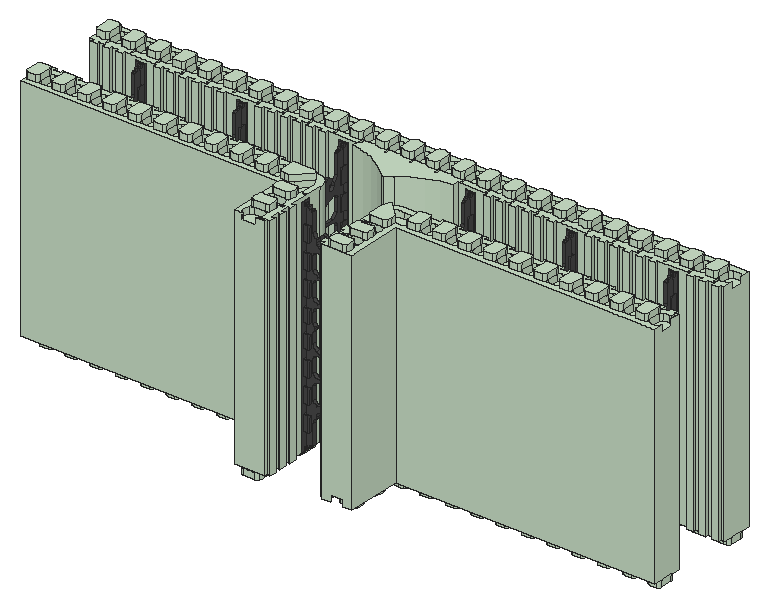
Revit family
Reference planes (in)
  plane 1 "Center (Front/Back)": y = -1
  plane 2: z = 0
  plane 3 "Center (Left/Right)": x = 0
  plane 4: y = 1
  plane 5: y = -3
  plane 6: x = 2
  plane 7: x = -2
  plane 8: z = 18
Forms (in)
  Extrusion 1, solid, material "NUDURA Expanded Polystyrene Foam Insulation"
    sketch origin (0, 0, 0) x (1, 0, 0) y (0, 1, 0)
      loop
        arc (-2.25, -4.49998) -> (-2.61612, -3.6161) -> (-3.5, -3.24998) r 1.25
        line (-3.5, -3.24998) -> (-6.28117, -3.24998) -> (-6.21883, -2.99998) -> (-6.78117, -2.99998) -> (-6.71883, -3.24998) -> (-7.28117, -3.24998) -> (-7.21883, -2.99998) -> (-7.78117, -2.99998) -> (-7.71883, -3.24998) -> (-8.28117, -3.24998) -> (-8.21883, -2.99998) -> (-8.78117, -2.99998) -> (-8.71883, -3.24998) -> (-9.28117, -3.24998) -> (-9.21883, -2.99998) -> (-9.78117, -2.99998) -> (-9.71883, -3.24998) -> (-10.2818, -3.24998) -> (-10.21947, -2.99998) -> (-10.7818, -2.99998) -> (-10.71947, -3.24998) -> (-11.2818, -3.24998) -> (-11.21947, -2.99998) -> (-11.7818, -2.99998) -> (-11.71947, -3.24998) -> (-14.28116, -3.24998) -> (-14.21883, -2.99998) -> (-14.78116, -2.99998) -> (-14.71883, -3.24998) -> (-15.28116, -3.24998) -> (-15.21883, -2.99998) -> (-15.78116, -2.99998) -> (-15.71883, -3.24998) -> (-16.28116, -3.24998) -> (-16.21883, -2.99998) -> (-16.78116, -2.99998) -> (-16.71883, -3.24998) -> (-17.28179, -3.24998) -> (-17.21946, -2.99998) -> (-17.78179, -2.99998) -> (-17.71946, -3.24998) -> (-18.28179, -3.24998) -> (-18.21946, -2.99998) -> (-18.78179, -2.99998) -> (-18.71946, -3.24998) -> (-19.28179, -3.24998) -> (-19.21946, -2.99998) -> (-19.78179, -2.99998) -> (-19.71946, -3.24998) -> (-22.28115, -3.24998) -> (-22.21882, -2.99998) -> (-22.78115, -2.99998) -> (-22.71882, -3.24998) -> (-23.28115, -3.24998) -> (-23.21882, -2.99998) -> (-23.78115, -2.99998) -> (-23.71882, -3.24998) -> (-24.28115, -3.24998) -> (-24.21882, -2.99998) -> (-24.78115, -2.99998) -> (-24.71882, -3.24998) -> (-25, -3.24998) -> (-25, -5.62244) -> (-4.625, -5.62244) -> (-4.625, -9.99744) -> (-2.25, -9.99744) -> (-2.25, -9.71882) -> (-2, -9.78115) -> (-2, -9.21882) -> (-2.25, -9.28115) -> (-2.25, -8.71882) -> (-2, -8.78115) -> (-2, -8.21882) -> (-2.25, -8.28115) -> (-2.25, -7.71882) -> (-2, -7.78115) -> (-2, -7.21882) -> (-2.25, -7.28115) -> (-2.25, -4.49998)
      loop
        line (4, 0.875) -> (4, 1.25) -> (6.28117, 1.25) -> (6.21883, 1) -> (6.78117, 1) -> (6.71883, 1.25) -> (7.28117, 1.25) -> (7.21883, 1) -> (7.78117, 1) -> (7.71883, 1.25) -> (8.28117, 1.25) -> (8.21883, 1) -> (8.78117, 1) -> (8.71883, 1.25) -> (9.28053, 1.25) -> (9.2182, 1) -> (9.78053, 1) -> (9.7182, 1.25) -> (10.28053, 1.25) -> (10.2182, 1) -> (10.78053, 1) -> (10.7182, 1.25) -> (11.28053, 1.25) -> (11.2182, 1) -> (11.78053, 1) -> (11.7182, 1.25) -> (14.28116, 1.25) -> (14.21883, 1) -> (14.78116, 1) -> (14.71883, 1.25) -> (15.28116, 1.25) -> (15.21883, 1) -> (15.78116, 1) -> (15.71883, 1.25) -> (16.28116, 1.25) -> (16.21883, 1) -> (16.78116, 1) -> (16.71883, 1.25) -> (17.28053, 1.25) -> (17.21819, 1) -> (17.78053, 1) -> (17.71819, 1.25) -> (18.28053, 1.25) -> (18.21819, 1) -> (18.78053, 1) -> (18.71819, 1.25) -> (19.28053, 1.25) -> (19.21819, 1) -> (19.78053, 1) -> (19.71819, 1.25) -> (22.28115, 1.25) -> (22.21882, 1) -> (22.78115, 1) -> (22.71882, 1.25) -> (23.28115, 1.25) -> (23.21882, 1) -> (23.78115, 1) -> (23.71882, 1.25) -> (24.28115, 1.25) -> (24.21882, 1) -> (24.78115, 1) -> (24.71882, 1.25) -> (25, 1.25) -> (25, 3.62754) -> (-25, 3.62754) -> (-25, 1.25) -> (-24.71882, 1.25) -> (-24.78115, 1) -> (-24.21882, 1) -> (-24.28115, 1.25) -> (-23.71882, 1.25) -> (-23.78115, 1) -> (-23.21882, 1) -> (-23.28115, 1.25) -> (-22.71882, 1.25) -> (-22.78115, 1) -> (-22.21882, 1) -> (-22.28115, 1.25) -> (-19.71819, 1.25) -> (-19.78053, 1) -> (-19.21819, 1) -> (-19.28053, 1.25) -> (-18.71819, 1.25) -> (-18.78053, 1) -> (-18.21819, 1) -> (-18.28053, 1.25) -> (-17.71819, 1.25) -> (-17.78053, 1) -> (-17.21819, 1) -> (-17.28053, 1.25) -> (-16.71883, 1.25) -> (-16.78116, 1) -> (-16.21883, 1) -> (-16.28116, 1.25) -> (-15.71883, 1.25) -> (-15.78116, 1) -> (-15.21883, 1) -> (-15.28116, 1.25) -> (-14.71883, 1.25) -> (-14.78116, 1) -> (-14.21883, 1) -> (-14.28116, 1.25) -> (-11.7182, 1.25) -> (-11.78053, 1) -> (-11.2182, 1) -> (-11.28053, 1.25) -> (-10.7182, 1.25) -> (-10.78053, 1) -> (-10.2182, 1) -> (-10.28053, 1.25) -> (-9.7182, 1.25) -> (-9.78053, 1) -> (-9.2182, 1) -> (-9.28053, 1.25) -> (-8.71883, 1.25) -> (-8.78117, 1) -> (-8.21883, 1) -> (-8.28117, 1.25) -> (-7.71883, 1.25) -> (-7.78117, 1) -> (-7.21883, 1) -> (-7.28117, 1.25) -> (-6.71883, 1.25) -> (-6.78117, 1) -> (-6.21883, 1) -> (-6.28117, 1.25) -> (-4, 1.25) -> (-4, 0.875)
        arc (-4, 0.875) -> (-2.12304, 0.37468) -> (-0.50918, -0.70642) r 5.91797
        arc (-0.50918, -0.70642) -> (-0.26811, -0.90043) -> (0, -1.05493) r 2
        arc (0, -1.05493) -> (0.26811, -0.90043) -> (0.50918, -0.70642) r 2
        arc (0.50918, -0.70642) -> (2.12304, 0.37468) -> (4, 0.875) r 5.91797
      loop
        line (2.25, -4.49998) -> (2.25, -7.28115) -> (2, -7.21882) -> (2, -7.78115) -> (2.25, -7.71882) -> (2.25, -8.28115) -> (2, -8.21882) -> (2, -8.78115) -> (2.25, -8.71882) -> (2.25, -9.28115) -> (2, -9.21882) -> (2, -9.78115) -> (2.25, -9.71882) -> (2.25, -9.99998) -> (4.625, -9.99998) -> (4.625, -5.62244) -> (25, -5.62244) -> (25, -3.24998) -> (24.71882, -3.24998) -> (24.78115, -2.99998) -> (24.21882, -2.99998) -> (24.28115, -3.24998) -> (23.71882, -3.24998) -> (23.78115, -2.99998) -> (23.21882, -2.99998) -> (23.28115, -3.24998) -> (22.71882, -3.24998) -> (22.78115, -2.99998) -> (22.21882, -2.99998) -> (22.28115, -3.24998) -> (19.71946, -3.24998) -> (19.78179, -2.99998) -> (19.21946, -2.99998) -> (19.28179, -3.24998) -> (18.71946, -3.24998) -> (18.78179, -2.99998) -> (18.21946, -2.99998) -> (18.28179, -3.24998) -> (17.71946, -3.24998) -> (17.78179, -2.99998) -> (17.21946, -2.99998) -> (17.28179, -3.24998) -> (16.71883, -3.24998) -> (16.78116, -2.99998) -> (16.21883, -2.99998) -> (16.28116, -3.24998) -> (15.71883, -3.24998) -> (15.78116, -2.99998) -> (15.21883, -2.99998) -> (15.28116, -3.24998) -> (14.71883, -3.24998) -> (14.78116, -2.99998) -> (14.21883, -2.99998) -> (14.28116, -3.24998) -> (11.71947, -3.24998) -> (11.7818, -2.99998) -> (11.21947, -2.99998) -> (11.2818, -3.24998) -> (10.71947, -3.24998) -> (10.7818, -2.99998) -> (10.21947, -2.99998) -> (10.2818, -3.24998) -> (9.71947, -3.24998) -> (9.7818, -2.99998) -> (9.21947, -2.99998) -> (9.2818, -3.24998) -> (8.71883, -3.24998) -> (8.78117, -2.99998) -> (8.21883, -2.99998) -> (8.28117, -3.24998) -> (7.71883, -3.24998) -> (7.78117, -2.99998) -> (7.21883, -2.99998) -> (7.28117, -3.24998) -> (6.71883, -3.24998) -> (6.78117, -2.99998) -> (6.21883, -2.99998) -> (6.28117, -3.24998) -> (3.5, -3.24998)
        arc (3.5, -3.24998) -> (2.61612, -3.6161) -> (2.25, -4.49998) r 1.25
    from 0 to 18
  Extrusion 2, void
    sketch origin (1, 16, 0) x (1, 0, 0) y (0, 1, 0)
      loop
        arc (-5.13595, -25.17306) -> (-5.1875, -25.49998) -> (-5.13595, -25.8269) r 1.0625
        arc (-5.13595, -25.8269) -> (-5.0592, -25.94114) -> (-4.93362, -25.99744) r 0.25
        line (-4.93362, -25.99744) -> (-3.94138, -25.99744)
        arc (-3.94138, -25.99744) -> (-3.86932, -25.97564) -> (-3.80702, -25.93338) r 0.25
        arc (-3.80702, -25.93338) -> (-3.78736, -25.92104) -> (-3.76455, -25.91673) r 0.0625
        line (-3.76455, -25.91673) -> (-3.41845, -25.91673) -> (-3.41845, -25.7459) -> (-3.64005, -25.7459)
        arc (-3.64005, -25.7459) -> (-3.68771, -25.72383) -> (-3.70172, -25.67321) r 0.0625
        arc (-3.70172, -25.67321) -> (-3.69045, -25.4209) -> (-3.73905, -25.17306) r 1.0625
        arc (-3.73905, -25.17306) -> (-3.82983, -25.04783) -> (-3.97692, -24.99998) r 0.25
        line (-3.97692, -24.99998) -> (-4.89808, -24.99998)
        arc (-4.89808, -24.99998) -> (-5.04517, -25.04783) -> (-5.13595, -25.17306) r 0.25
    from 18 to 17.5
  Extrusion 3, void
    sketch origin (1, 18, 0) x (1, 0, 0) y (0, 1, 0)
      loop
        arc (-5.13595, -25.17306) -> (-5.1875, -25.49998) -> (-5.13595, -25.8269) r 1.0625
        arc (-5.13595, -25.8269) -> (-5.04517, -25.95213) -> (-4.89808, -25.99998) r 0.25
        line (-4.89808, -25.99998) -> (-3.97692, -25.99998)
        arc (-3.97692, -25.99998) -> (-3.88568, -25.98274) -> (-3.80702, -25.93338) r 0.25
        arc (-3.80702, -25.93338) -> (-3.78736, -25.92104) -> (-3.76455, -25.91673) r 0.0625
        line (-3.76455, -25.91673) -> (-3.41845, -25.91673) -> (-3.41845, -25.7459) -> (-3.64005, -25.7459)
        arc (-3.64005, -25.7459) -> (-3.68771, -25.72383) -> (-3.70172, -25.67321) r 0.0625
        arc (-3.70172, -25.67321) -> (-3.69045, -25.4209) -> (-3.73905, -25.17306) r 1.0625
        arc (-3.73905, -25.17306) -> (-3.82983, -25.04783) -> (-3.97692, -24.99998) r 0.25
        line (-3.97692, -24.99998) -> (-4.89808, -24.99998)
        arc (-4.89808, -24.99998) -> (-5.04517, -25.04783) -> (-5.13595, -25.17306) r 0.25
    from 18 to 17.5
  Extrusion 4, void
    sketch origin (1, 0, 0) x (1, 0, 0) y (0, 1, 0)
      loop
        line (-5.1875, -5.18748) -> (-5.1875, -5.49998)
        arc (-5.1875, -5.49998) -> (-5.17453, -5.66546) -> (-5.13595, -5.8269) r 1.0625
        arc (-5.13595, -5.8269) -> (-5.04517, -5.95213) -> (-4.89808, -5.99998) r 0.25
        line (-4.89808, -5.99998) -> (-3.97692, -5.99998)
        arc (-3.97692, -5.99998) -> (-3.88568, -5.98274) -> (-3.80702, -5.93338) r 0.25
        arc (-3.80702, -5.93338) -> (-3.78736, -5.92104) -> (-3.76455, -5.91673) r 0.0625
        line (-3.76455, -5.91673) -> (-3.41845, -5.91673) -> (-3.41845, -5.7459) -> (-3.64005, -5.7459)
        arc (-3.64005, -5.7459) -> (-3.68771, -5.72383) -> (-3.70172, -5.67321) r 0.0625
        arc (-3.70172, -5.67321) -> (-3.69106, -5.58689) -> (-3.6875, -5.49998) r 1.0625
        line (-3.6875, -5.49998) -> (-3.6875, -4.68748)
        arc (-3.6875, -4.68748) -> (-3.76362, -4.3048) -> (-3.98039, -3.98037) r 1
        line (-3.98039, -3.98037) -> (-5.1875, -5.18748)
    from 18 to 17.5
  Extrusion 5, void
    sketch origin (-30.99998, 0.00002, 0) x (0, 1, 0) y (-1, 0, 0)
      loop
        arc (-5.13595, -25.17306) -> (-5.1875, -25.49998) -> (-5.13595, -25.8269) r 1.0625
        arc (-5.13595, -25.8269) -> (-5.04517, -25.95213) -> (-4.89808, -25.99998) r 0.25
        line (-4.89808, -25.99998) -> (-3.97692, -25.99998)
        arc (-3.97692, -25.99998) -> (-3.88568, -25.98274) -> (-3.80702, -25.93338) r 0.25
        arc (-3.80702, -25.93338) -> (-3.78736, -25.92104) -> (-3.76455, -25.91673) r 0.0625
        line (-3.76455, -25.91673) -> (-3.41845, -25.91673) -> (-3.41845, -25.7459) -> (-3.64005, -25.7459)
        arc (-3.64005, -25.7459) -> (-3.68771, -25.72383) -> (-3.70172, -25.67321) r 0.0625
        arc (-3.70172, -25.67321) -> (-3.69045, -25.4209) -> (-3.73905, -25.17306) r 1.0625
        arc (-3.73905, -25.17306) -> (-3.82983, -25.04783) -> (-3.97692, -24.99998) r 0.25
        line (-3.97692, -24.99998) -> (-4.89808, -24.99998)
        arc (-4.89808, -24.99998) -> (-5.04517, -25.04783) -> (-5.13595, -25.17306) r 0.25
    from 18 to 17.5
  Extrusion 6, void
    sketch origin (-32.99998, 0.00002, 0) x (0, 1, 0) y (-1, 0, 0)
      loop
        arc (-5.13595, -25.17306) -> (-5.1875, -25.49998) -> (-5.13595, -25.8269) r 1.0625
        arc (-5.13595, -25.8269) -> (-5.04517, -25.95213) -> (-4.89808, -25.99998) r 0.25
        line (-4.89808, -25.99998) -> (-3.97692, -25.99998)
        arc (-3.97692, -25.99998) -> (-3.88568, -25.98274) -> (-3.80702, -25.93338) r 0.25
        arc (-3.80702, -25.93338) -> (-3.78736, -25.92104) -> (-3.76455, -25.91673) r 0.0625
        line (-3.76455, -25.91673) -> (-3.41845, -25.91673) -> (-3.41845, -25.7459) -> (-3.64005, -25.7459)
        arc (-3.64005, -25.7459) -> (-3.68771, -25.72383) -> (-3.70172, -25.67321) r 0.0625
        arc (-3.70172, -25.67321) -> (-3.69045, -25.4209) -> (-3.73905, -25.17306) r 1.0625
        arc (-3.73905, -25.17306) -> (-3.82983, -25.04783) -> (-3.97692, -24.99998) r 0.25
        line (-3.97692, -24.99998) -> (-4.89808, -24.99998)
        arc (-4.89808, -24.99998) -> (-5.04517, -25.04783) -> (-5.13595, -25.17306) r 0.25
    from 18 to 17.5
  Extrusion 7, void
    sketch origin (1, -33.99996, 0) x (1, 0, 0) y (0, 1, 0)
      loop
        arc (-5.13595, 25.17306) -> (-5.04517, 25.04783) -> (-4.89808, 24.99998) r 0.25
        line (-4.89808, 24.99998) -> (-3.97692, 24.99998)
        arc (-3.97692, 24.99998) -> (-3.82983, 25.04783) -> (-3.73905, 25.17306) r 0.25
        arc (-3.73905, 25.17306) -> (-3.69045, 25.4209) -> (-3.70172, 25.67321) r 1.0625
        arc (-3.70172, 25.67321) -> (-3.68771, 25.72383) -> (-3.64005, 25.7459) r 0.0625
        line (-3.64005, 25.7459) -> (-3.41845, 25.7459) -> (-3.41845, 25.91673) -> (-3.76455, 25.91673)
        arc (-3.76455, 25.91673) -> (-3.78736, 25.92104) -> (-3.80702, 25.93338) r 0.0625
        arc (-3.80702, 25.93338) -> (-3.88568, 25.98274) -> (-3.97692, 25.99998) r 0.25
        line (-3.97692, 25.99998) -> (-4.89808, 25.99998)
        arc (-4.89808, 25.99998) -> (-5.04517, 25.95213) -> (-5.13595, 25.8269) r 0.25
        arc (-5.13595, 25.8269) -> (-5.1875, 25.49998) -> (-5.13595, 25.17306) r 1.0625
    from 0 to 0.5
  Extrusion 8, void
    sketch origin (1, -31.99996, 0) x (1, 0, 0) y (0, 1, 0)
      loop
        arc (-5.13595, 25.17306) -> (-5.04517, 25.04783) -> (-4.89808, 24.99998) r 0.25
        line (-4.89808, 24.99998) -> (-3.97692, 24.99998)
        arc (-3.97692, 24.99998) -> (-3.82983, 25.04783) -> (-3.73905, 25.17306) r 0.25
        arc (-3.73905, 25.17306) -> (-3.69045, 25.4209) -> (-3.70172, 25.67321) r 1.0625
        arc (-3.70172, 25.67321) -> (-3.68771, 25.72383) -> (-3.64005, 25.7459) r 0.0625
        line (-3.64005, 25.7459) -> (-3.41845, 25.7459) -> (-3.41845, 25.91673) -> (-3.76455, 25.91673)
        arc (-3.76455, 25.91673) -> (-3.78736, 25.92104) -> (-3.80702, 25.93338) r 0.0625
        arc (-3.80702, 25.93338) -> (-3.88568, 25.98274) -> (-3.97692, 25.99998) r 0.25
        line (-3.97692, 25.99998) -> (-4.89808, 25.99998)
        arc (-4.89808, 25.99998) -> (-5.04517, 25.95213) -> (-5.13595, 25.8269) r 0.25
        arc (-5.13595, 25.8269) -> (-5.1875, 25.49998) -> (-5.13595, 25.17306) r 1.0625
    from 0 to 0.5
  Extrusion 9, void
    sketch origin (0.99998, 0.00002, 0) x (0, 1, 0) y (-1, 0, 0)
      loop
        line (-5.1875, 5.18748) -> (-3.98039, 3.98037)
        arc (-3.98039, 3.98037) -> (-3.76362, 4.3048) -> (-3.6875, 4.68748) r 1
        line (-3.6875, 4.68748) -> (-3.6875, 5.49998)
        arc (-3.6875, 5.49998) -> (-3.69106, 5.58689) -> (-3.70172, 5.67321) r 1.0625
        arc (-3.70172, 5.67321) -> (-3.68771, 5.72383) -> (-3.64005, 5.7459) r 0.0625
        line (-3.64005, 5.7459) -> (-3.41845, 5.7459) -> (-3.41845, 5.91673) -> (-3.76455, 5.91673)
        arc (-3.76455, 5.91673) -> (-3.78736, 5.92104) -> (-3.80702, 5.93338) r 0.0625
        arc (-3.80702, 5.93338) -> (-3.88568, 5.98274) -> (-3.97692, 5.99998) r 0.25
        line (-3.97692, 5.99998) -> (-4.89808, 5.99998)
        arc (-4.89808, 5.99998) -> (-5.04517, 5.95213) -> (-5.13595, 5.8269) r 0.25
        arc (-5.13595, 5.8269) -> (-5.17453, 5.66546) -> (-5.1875, 5.49998) r 1.0625
        line (-5.1875, 5.49998) -> (-5.1875, 5.18748)
    from 0 to 0.5
  Extrusion 10, void
    sketch origin (18.99998, 0.00002, 0) x (0, 1, 0) y (-1, 0, 0)
      loop
        arc (-5.13595, 25.17306) -> (-5.04517, 25.04783) -> (-4.89808, 24.99998) r 0.25
        line (-4.89808, 24.99998) -> (-3.97692, 24.99998)
        arc (-3.97692, 24.99998) -> (-3.82983, 25.04783) -> (-3.73905, 25.17306) r 0.25
        arc (-3.73905, 25.17306) -> (-3.69045, 25.4209) -> (-3.70172, 25.67321) r 1.0625
        arc (-3.70172, 25.67321) -> (-3.68771, 25.72383) -> (-3.64005, 25.7459) r 0.0625
        line (-3.64005, 25.7459) -> (-3.41845, 25.7459) -> (-3.41845, 25.91673) -> (-3.76455, 25.91673)
        arc (-3.76455, 25.91673) -> (-3.78736, 25.92104) -> (-3.80702, 25.93338) r 0.0625
        arc (-3.80702, 25.93338) -> (-3.88568, 25.98274) -> (-3.97692, 25.99998) r 0.25
        line (-3.97692, 25.99998) -> (-4.89808, 25.99998)
        arc (-4.89808, 25.99998) -> (-5.04517, 25.95213) -> (-5.13595, 25.8269) r 0.25
        arc (-5.13595, 25.8269) -> (-5.1875, 25.49998) -> (-5.13595, 25.17306) r 1.0625
    from 0 to 0.5
  Extrusion 11, void
    sketch origin (16.99998, 0.00002, 0) x (0, 1, 0) y (-1, 0, 0)
      loop
        arc (-5.13595, 25.17306) -> (-5.04517, 25.04783) -> (-4.89808, 24.99998) r 0.25
        line (-4.89808, 24.99998) -> (-3.97692, 24.99998)
        arc (-3.97692, 24.99998) -> (-3.82983, 25.04783) -> (-3.73905, 25.17306) r 0.25
        arc (-3.73905, 25.17306) -> (-3.69045, 25.4209) -> (-3.70172, 25.67321) r 1.0625
        arc (-3.70172, 25.67321) -> (-3.68771, 25.72383) -> (-3.64005, 25.7459) r 0.0625
        line (-3.64005, 25.7459) -> (-3.41845, 25.7459) -> (-3.41845, 25.91673) -> (-3.76455, 25.91673)
        arc (-3.76455, 25.91673) -> (-3.78736, 25.92104) -> (-3.80702, 25.93338) r 0.0625
        arc (-3.80702, 25.93338) -> (-3.88568, 25.98274) -> (-3.97692, 25.99998) r 0.25
        line (-3.97692, 25.99998) -> (-4.89808, 25.99998)
        arc (-4.89808, 25.99998) -> (-5.04517, 25.95213) -> (-5.13595, 25.8269) r 0.25
        arc (-5.13595, 25.8269) -> (-5.1875, 25.49998) -> (-5.13595, 25.17306) r 1.0625
    from 0 to 0.5
  Extrusion 12, void
    sketch origin (-1, -33.99996, 0) x (-1, 0, 0) y (0, -1, 0)
      loop
        arc (-5.13595, -25.17306) -> (-5.1875, -25.49998) -> (-5.13595, -25.8269) r 1.0625
        arc (-5.13595, -25.8269) -> (-5.04517, -25.95213) -> (-4.89808, -25.99998) r 0.25
        line (-4.89808, -25.99998) -> (-3.97692, -25.99998)
        arc (-3.97692, -25.99998) -> (-3.88568, -25.98274) -> (-3.80702, -25.93338) r 0.25
        arc (-3.80702, -25.93338) -> (-3.78736, -25.92104) -> (-3.76455, -25.91673) r 0.0625
        line (-3.76455, -25.91673) -> (-3.41845, -25.91673) -> (-3.41845, -25.7459) -> (-3.64005, -25.7459)
        arc (-3.64005, -25.7459) -> (-3.68771, -25.72383) -> (-3.70172, -25.67321) r 0.0625
        arc (-3.70172, -25.67321) -> (-3.69045, -25.4209) -> (-3.73905, -25.17306) r 1.0625
        arc (-3.73905, -25.17306) -> (-3.82983, -25.04783) -> (-3.97692, -24.99998) r 0.25
        line (-3.97692, -24.99998) -> (-4.89808, -24.99998)
        arc (-4.89808, -24.99998) -> (-5.04517, -25.04783) -> (-5.13595, -25.17306) r 0.25
    from 18 to 17.5
  Extrusion 13, void
    sketch origin (-1, -31.99996, 0) x (-1, 0, 0) y (0, -1, 0)
      loop
        arc (-5.13595, -25.17306) -> (-5.1875, -25.49998) -> (-5.13595, -25.8269) r 1.0625
        arc (-5.13595, -25.8269) -> (-5.04517, -25.95213) -> (-4.89808, -25.99998) r 0.25
        line (-4.89808, -25.99998) -> (-3.97692, -25.99998)
        arc (-3.97692, -25.99998) -> (-3.88568, -25.98274) -> (-3.80702, -25.93338) r 0.25
        arc (-3.80702, -25.93338) -> (-3.78736, -25.92104) -> (-3.76455, -25.91673) r 0.0625
        line (-3.76455, -25.91673) -> (-3.41845, -25.91673) -> (-3.41845, -25.7459) -> (-3.64005, -25.7459)
        arc (-3.64005, -25.7459) -> (-3.68771, -25.72383) -> (-3.70172, -25.67321) r 0.0625
        arc (-3.70172, -25.67321) -> (-3.69045, -25.4209) -> (-3.73905, -25.17306) r 1.0625
        arc (-3.73905, -25.17306) -> (-3.82983, -25.04783) -> (-3.97692, -24.99998) r 0.25
        line (-3.97692, -24.99998) -> (-4.89808, -24.99998)
        arc (-4.89808, -24.99998) -> (-5.04517, -25.04783) -> (-5.13595, -25.17306) r 0.25
    from 18 to 17.5
  Extrusion 14, void
    sketch origin (-18.99998, 0.00002, 0) x (0, 1, 0) y (-1, 0, 0)
      loop
        arc (-5.13595, -25.17306) -> (-5.1875, -25.49998) -> (-5.13595, -25.8269) r 1.0625
        arc (-5.13595, -25.8269) -> (-5.04517, -25.95213) -> (-4.89808, -25.99998) r 0.25
        line (-4.89808, -25.99998) -> (-3.97692, -25.99998)
        arc (-3.97692, -25.99998) -> (-3.88568, -25.98274) -> (-3.80702, -25.93338) r 0.25
        arc (-3.80702, -25.93338) -> (-3.78736, -25.92104) -> (-3.76455, -25.91673) r 0.0625
        line (-3.76455, -25.91673) -> (-3.41845, -25.91673) -> (-3.41845, -25.7459) -> (-3.64005, -25.7459)
        arc (-3.64005, -25.7459) -> (-3.68771, -25.72383) -> (-3.70172, -25.67321) r 0.0625
        arc (-3.70172, -25.67321) -> (-3.69045, -25.4209) -> (-3.73905, -25.17306) r 1.0625
        arc (-3.73905, -25.17306) -> (-3.82983, -25.04783) -> (-3.97692, -24.99998) r 0.25
        line (-3.97692, -24.99998) -> (-4.89808, -24.99998)
        arc (-4.89808, -24.99998) -> (-5.04517, -25.04783) -> (-5.13595, -25.17306) r 0.25
    from 18 to 17.5
  Extrusion 15, void
    sketch origin (-16.99998, 0.00002, 0) x (0, 1, 0) y (-1, 0, 0)
      loop
        arc (-5.13595, -25.17306) -> (-5.1875, -25.49998) -> (-5.13595, -25.8269) r 1.0625
        arc (-5.13595, -25.8269) -> (-5.04517, -25.95213) -> (-4.89808, -25.99998) r 0.25
        line (-4.89808, -25.99998) -> (-3.97692, -25.99998)
        arc (-3.97692, -25.99998) -> (-3.88568, -25.98274) -> (-3.80702, -25.93338) r 0.25
        arc (-3.80702, -25.93338) -> (-3.78736, -25.92104) -> (-3.76455, -25.91673) r 0.0625
        line (-3.76455, -25.91673) -> (-3.41845, -25.91673) -> (-3.41845, -25.7459) -> (-3.64005, -25.7459)
        arc (-3.64005, -25.7459) -> (-3.68771, -25.72383) -> (-3.70172, -25.67321) r 0.0625
        arc (-3.70172, -25.67321) -> (-3.69045, -25.4209) -> (-3.73905, -25.17306) r 1.0625
        arc (-3.73905, -25.17306) -> (-3.82983, -25.04783) -> (-3.97692, -24.99998) r 0.25
        line (-3.97692, -24.99998) -> (-4.89808, -24.99998)
        arc (-4.89808, -24.99998) -> (-5.04517, -25.04783) -> (-5.13595, -25.17306) r 0.25
    from 18 to 17.5
  Extrusion 16, void
    sketch origin (-1, 0, 0) x (1, 0, 0) y (0, 1, 0)
      loop
        arc (5.67323, -3.7017) -> (5.58691, -3.69104) -> (5.5, -3.68748) r 1.0625
        line (5.5, -3.68748) -> (4.6875, -3.68748)
        arc (4.6875, -3.68748) -> (4.30482, -3.7636) -> (3.98039, -3.98037) r 1
        line (3.98039, -3.98037) -> (5.1875, -5.18748) -> (5.5, -5.18748)
        arc (5.5, -5.18748) -> (5.66548, -5.17452) -> (5.82692, -5.13593) r 1.0625
        arc (5.82692, -5.13593) -> (5.95215, -5.04515) -> (6, -4.89806) r 0.25
        line (6, -4.89806) -> (6, -3.9769)
        arc (6, -3.9769) -> (5.98276, -3.88566) -> (5.9334, -3.807) r 0.25
        arc (5.9334, -3.807) -> (5.92106, -3.78734) -> (5.91675, -3.76453) r 0.0625
        line (5.91675, -3.76453) -> (5.91675, -3.41844) -> (5.74592, -3.41844) -> (5.74592, -3.64003)
        arc (5.74592, -3.64003) -> (5.72385, -3.68769) -> (5.67323, -3.7017) r 0.0625
    from 18 to 17.5
  Extrusion 17, void
    sketch origin (-1, 16, 0) x (-1, 0, 0) y (0, -1, 0)
      loop
        arc (-5.13595, 25.17306) -> (-5.04517, 25.04783) -> (-4.89808, 24.99998) r 0.25
        line (-4.89808, 24.99998) -> (-3.97692, 24.99998)
        arc (-3.97692, 24.99998) -> (-3.82983, 25.04783) -> (-3.73905, 25.17306) r 0.25
        arc (-3.73905, 25.17306) -> (-3.69045, 25.4209) -> (-3.70172, 25.67321) r 1.0625
        arc (-3.70172, 25.67321) -> (-3.68771, 25.72383) -> (-3.64005, 25.7459) r 0.0625
        line (-3.64005, 25.7459) -> (-3.41845, 25.7459) -> (-3.41845, 25.91673) -> (-3.76455, 25.91673)
        arc (-3.76455, 25.91673) -> (-3.78736, 25.92104) -> (-3.80702, 25.93338) r 0.0625
        arc (-3.80702, 25.93338) -> (-3.88568, 25.98274) -> (-3.97692, 25.99998) r 0.25
        line (-3.97692, 25.99998) -> (-4.89808, 25.99998)
        arc (-4.89808, 25.99998) -> (-5.04517, 25.95213) -> (-5.13595, 25.8269) r 0.25
        arc (-5.13595, 25.8269) -> (-5.1875, 25.49998) -> (-5.13595, 25.17306) r 1.0625
    from 0 to 0.5
  Extrusion 18, void
    sketch origin (-1, 18, 0) x (-1, 0, 0) y (0, -1, 0)
      loop
        arc (-5.13595, 25.17306) -> (-5.04517, 25.04783) -> (-4.89808, 24.99998) r 0.25
        line (-4.89808, 24.99998) -> (-3.97692, 24.99998)
        arc (-3.97692, 24.99998) -> (-3.82983, 25.04783) -> (-3.73905, 25.17306) r 0.25
        arc (-3.73905, 25.17306) -> (-3.69045, 25.4209) -> (-3.70172, 25.67321) r 1.0625
        arc (-3.70172, 25.67321) -> (-3.68771, 25.72383) -> (-3.64005, 25.7459) r 0.0625
        line (-3.64005, 25.7459) -> (-3.41845, 25.7459) -> (-3.41845, 25.91673) -> (-3.76455, 25.91673)
        arc (-3.76455, 25.91673) -> (-3.78736, 25.92104) -> (-3.80702, 25.93338) r 0.0625
        arc (-3.80702, 25.93338) -> (-3.88568, 25.98274) -> (-3.97692, 25.99998) r 0.25
        line (-3.97692, 25.99998) -> (-4.89808, 25.99998)
        arc (-4.89808, 25.99998) -> (-5.04517, 25.95213) -> (-5.13595, 25.8269) r 0.25
        arc (-5.13595, 25.8269) -> (-5.1875, 25.49998) -> (-5.13595, 25.17306) r 1.0625
    from 0 to 0.5
  Extrusion 19, void
    sketch origin (-0.99998, 0.00002, 0) x (0, -1, 0) y (1, 0, 0)
      loop
        arc (5.67323, 3.7017) -> (5.72385, 3.68769) -> (5.74592, 3.64003) r 0.0625
        line (5.74592, 3.64003) -> (5.74592, 3.41844) -> (5.91675, 3.41844) -> (5.91675, 3.76453)
        arc (5.91675, 3.76453) -> (5.92106, 3.78734) -> (5.9334, 3.807) r 0.0625
        arc (5.9334, 3.807) -> (5.98276, 3.88566) -> (6, 3.9769) r 0.25
        line (6, 3.9769) -> (6, 4.89806)
        arc (6, 4.89806) -> (5.95215, 5.04515) -> (5.82692, 5.13593) r 0.25
        arc (5.82692, 5.13593) -> (5.66548, 5.17452) -> (5.5, 5.18748) r 1.0625
        line (5.5, 5.18748) -> (5.1875, 5.18748) -> (3.98039, 3.98037)
        arc (3.98039, 3.98037) -> (4.30482, 3.7636) -> (4.6875, 3.68748) r 1
        line (4.6875, 3.68748) -> (5.5, 3.68748)
        arc (5.5, 3.68748) -> (5.58691, 3.69104) -> (5.67323, 3.7017) r 1.0625
    from 0 to 0.5
  Extrusion 20, void
    sketch origin (30.99998, 0.00002, 0) x (0, 1, 0) y (-1, 0, 0)
      loop
        arc (-5.13595, 25.17306) -> (-5.04517, 25.04783) -> (-4.89808, 24.99998) r 0.25
        line (-4.89808, 24.99998) -> (-3.97692, 24.99998)
        arc (-3.97692, 24.99998) -> (-3.82983, 25.04783) -> (-3.73905, 25.17306) r 0.25
        arc (-3.73905, 25.17306) -> (-3.69045, 25.4209) -> (-3.70172, 25.67321) r 1.0625
        arc (-3.70172, 25.67321) -> (-3.68771, 25.72383) -> (-3.64005, 25.7459) r 0.0625
        line (-3.64005, 25.7459) -> (-3.41845, 25.7459) -> (-3.41845, 25.91673) -> (-3.76455, 25.91673)
        arc (-3.76455, 25.91673) -> (-3.78736, 25.92104) -> (-3.80702, 25.93338) r 0.0625
        arc (-3.80702, 25.93338) -> (-3.88568, 25.98274) -> (-3.97692, 25.99998) r 0.25
        line (-3.97692, 25.99998) -> (-4.89808, 25.99998)
        arc (-4.89808, 25.99998) -> (-5.04517, 25.95213) -> (-5.13595, 25.8269) r 0.25
        arc (-5.13595, 25.8269) -> (-5.1875, 25.49998) -> (-5.13595, 25.17306) r 1.0625
    from 0 to 0.5
  Extrusion 21, void
    sketch origin (32.99998, 0.00002, 0) x (0, 1, 0) y (-1, 0, 0)
      loop
        arc (-5.13595, 25.17306) -> (-5.04517, 25.04783) -> (-4.89808, 24.99998) r 0.25
        line (-4.89808, 24.99998) -> (-3.97692, 24.99998)
        arc (-3.97692, 24.99998) -> (-3.82983, 25.04783) -> (-3.73905, 25.17306) r 0.25
        arc (-3.73905, 25.17306) -> (-3.69045, 25.4209) -> (-3.70172, 25.67321) r 1.0625
        arc (-3.70172, 25.67321) -> (-3.68771, 25.72383) -> (-3.64005, 25.7459) r 0.0625
        line (-3.64005, 25.7459) -> (-3.41845, 25.7459) -> (-3.41845, 25.91673) -> (-3.76455, 25.91673)
        arc (-3.76455, 25.91673) -> (-3.78736, 25.92104) -> (-3.80702, 25.93338) r 0.0625
        arc (-3.80702, 25.93338) -> (-3.88568, 25.98274) -> (-3.97692, 25.99998) r 0.25
        line (-3.97692, 25.99998) -> (-4.89808, 25.99998)
        arc (-4.89808, 25.99998) -> (-5.04517, 25.95213) -> (-5.13595, 25.8269) r 0.25
        arc (-5.13595, 25.8269) -> (-5.1875, 25.49998) -> (-5.13595, 25.17306) r 1.0625
    from 0 to 0.5
  Extrusion 22, void
    sketch origin (15.99998, -2.00002, 0) x (0, -1, 0) y (1, 0, 0)
      loop
        arc (-5.13595, -25.17306) -> (-5.1875, -25.49998) -> (-5.13595, -25.8269) r 1.0625
        arc (-5.13595, -25.8269) -> (-5.04517, -25.95213) -> (-4.89808, -25.99998) r 0.25
        line (-4.89808, -25.99998) -> (-3.97692, -25.99998)
        arc (-3.97692, -25.99998) -> (-3.88568, -25.98274) -> (-3.80702, -25.93338) r 0.25
        arc (-3.80702, -25.93338) -> (-3.78736, -25.92104) -> (-3.76455, -25.91673) r 0.0625
        line (-3.76455, -25.91673) -> (-3.41845, -25.91673) -> (-3.41845, -25.7459) -> (-3.64005, -25.7459)
        arc (-3.64005, -25.7459) -> (-3.68771, -25.72383) -> (-3.70172, -25.67321) r 0.0625
        arc (-3.70172, -25.67321) -> (-3.69045, -25.4209) -> (-3.73905, -25.17306) r 1.0625
        arc (-3.73905, -25.17306) -> (-3.82983, -25.04783) -> (-3.97692, -24.99998) r 0.25
        line (-3.97692, -24.99998) -> (-4.89808, -24.99998)
        arc (-4.89808, -24.99998) -> (-5.04517, -25.04783) -> (-5.13595, -25.17306) r 0.25
    from 18 to 17.5
  Extrusion 23, void
    sketch origin (17.99998, -2.00002, 0) x (0, -1, 0) y (1, 0, 0)
      loop
        arc (-5.13595, -25.17306) -> (-5.1875, -25.49998) -> (-5.13595, -25.8269) r 1.0625
        arc (-5.13595, -25.8269) -> (-5.04517, -25.95213) -> (-4.89808, -25.99998) r 0.25
        line (-4.89808, -25.99998) -> (-3.97692, -25.99998)
        arc (-3.97692, -25.99998) -> (-3.88568, -25.98274) -> (-3.80702, -25.93338) r 0.25
        arc (-3.80702, -25.93338) -> (-3.78736, -25.92104) -> (-3.76455, -25.91673) r 0.0625
        line (-3.76455, -25.91673) -> (-3.41845, -25.91673) -> (-3.41845, -25.7459) -> (-3.64005, -25.7459)
        arc (-3.64005, -25.7459) -> (-3.68771, -25.72383) -> (-3.70172, -25.67321) r 0.0625
        arc (-3.70172, -25.67321) -> (-3.69045, -25.4209) -> (-3.73905, -25.17306) r 1.0625
        arc (-3.73905, -25.17306) -> (-3.82983, -25.04783) -> (-3.97692, -24.99998) r 0.25
        line (-3.97692, -24.99998) -> (-4.89808, -24.99998)
        arc (-4.89808, -24.99998) -> (-5.04517, -25.04783) -> (-5.13595, -25.17306) r 0.25
    from 18 to 17.5
  Extrusion 24, void
    sketch origin (19.99998, -2.00002, 0) x (0, -1, 0) y (1, 0, 0)
      loop
        arc (-5.13595, -25.17306) -> (-5.1875, -25.49998) -> (-5.13595, -25.8269) r 1.0625
        arc (-5.13595, -25.8269) -> (-5.04517, -25.95213) -> (-4.89808, -25.99998) r 0.25
        line (-4.89808, -25.99998) -> (-3.97692, -25.99998)
        arc (-3.97692, -25.99998) -> (-3.88568, -25.98274) -> (-3.80702, -25.93338) r 0.25
        arc (-3.80702, -25.93338) -> (-3.78736, -25.92104) -> (-3.76455, -25.91673) r 0.0625
        line (-3.76455, -25.91673) -> (-3.41845, -25.91673) -> (-3.41845, -25.7459) -> (-3.64005, -25.7459)
        arc (-3.64005, -25.7459) -> (-3.68771, -25.72383) -> (-3.70172, -25.67321) r 0.0625
        arc (-3.70172, -25.67321) -> (-3.69045, -25.4209) -> (-3.73905, -25.17306) r 1.0625
        arc (-3.73905, -25.17306) -> (-3.82983, -25.04783) -> (-3.97692, -24.99998) r 0.25
        line (-3.97692, -24.99998) -> (-4.89808, -24.99998)
        arc (-4.89808, -24.99998) -> (-5.04517, -25.04783) -> (-5.13595, -25.17306) r 0.25
    from 18 to 17.5
  Extrusion 25, void
    sketch origin (21.99998, -2.00002, 0) x (0, -1, 0) y (1, 0, 0)
      loop
        arc (-5.13595, -25.17306) -> (-5.1875, -25.49998) -> (-5.13595, -25.8269) r 1.0625
        arc (-5.13595, -25.8269) -> (-5.04517, -25.95213) -> (-4.89808, -25.99998) r 0.25
        line (-4.89808, -25.99998) -> (-3.97692, -25.99998)
        arc (-3.97692, -25.99998) -> (-3.88568, -25.98274) -> (-3.80702, -25.93338) r 0.25
        arc (-3.80702, -25.93338) -> (-3.78736, -25.92104) -> (-3.76455, -25.91673) r 0.0625
        line (-3.76455, -25.91673) -> (-3.41845, -25.91673) -> (-3.41845, -25.7459) -> (-3.64005, -25.7459)
        arc (-3.64005, -25.7459) -> (-3.68771, -25.72383) -> (-3.70172, -25.67321) r 0.0625
        arc (-3.70172, -25.67321) -> (-3.69045, -25.4209) -> (-3.73905, -25.17306) r 1.0625
        arc (-3.73905, -25.17306) -> (-3.82983, -25.04783) -> (-3.97692, -24.99998) r 0.25
        line (-3.97692, -24.99998) -> (-4.89808, -24.99998)
        arc (-4.89808, -24.99998) -> (-5.04517, -25.04783) -> (-5.13595, -25.17306) r 0.25
    from 18 to 17.5
  Extrusion 26, void
    sketch origin (23.99998, -2.00002, 0) x (0, -1, 0) y (1, 0, 0)
      loop
        arc (-5.13595, -25.17306) -> (-5.1875, -25.49998) -> (-5.13595, -25.8269) r 1.0625
        arc (-5.13595, -25.8269) -> (-5.04517, -25.95213) -> (-4.89808, -25.99998) r 0.25
        line (-4.89808, -25.99998) -> (-3.97692, -25.99998)
        arc (-3.97692, -25.99998) -> (-3.88568, -25.98274) -> (-3.80702, -25.93338) r 0.25
        arc (-3.80702, -25.93338) -> (-3.78736, -25.92104) -> (-3.76455, -25.91673) r 0.0625
        line (-3.76455, -25.91673) -> (-3.41845, -25.91673) -> (-3.41845, -25.7459) -> (-3.64005, -25.7459)
        arc (-3.64005, -25.7459) -> (-3.68771, -25.72383) -> (-3.70172, -25.67321) r 0.0625
        arc (-3.70172, -25.67321) -> (-3.69045, -25.4209) -> (-3.73905, -25.17306) r 1.0625
        arc (-3.73905, -25.17306) -> (-3.82983, -25.04783) -> (-3.97692, -24.99998) r 0.25
        line (-3.97692, -24.99998) -> (-4.89808, -24.99998)
        arc (-4.89808, -24.99998) -> (-5.04517, -25.04783) -> (-5.13595, -25.17306) r 0.25
    from 18 to 17.5
  Extrusion 27, void
    sketch origin (25.99998, -2.00002, 0) x (0, -1, 0) y (1, 0, 0)
      loop
        arc (-5.13595, -25.17306) -> (-5.1875, -25.49998) -> (-5.13595, -25.8269) r 1.0625
        arc (-5.13595, -25.8269) -> (-5.04517, -25.95213) -> (-4.89808, -25.99998) r 0.25
        line (-4.89808, -25.99998) -> (-3.97692, -25.99998)
        arc (-3.97692, -25.99998) -> (-3.88568, -25.98274) -> (-3.80702, -25.93338) r 0.25
        arc (-3.80702, -25.93338) -> (-3.78736, -25.92104) -> (-3.76455, -25.91673) r 0.0625
        line (-3.76455, -25.91673) -> (-3.41845, -25.91673) -> (-3.41845, -25.7459) -> (-3.64005, -25.7459)
        arc (-3.64005, -25.7459) -> (-3.68771, -25.72383) -> (-3.70172, -25.67321) r 0.0625
        arc (-3.70172, -25.67321) -> (-3.69045, -25.4209) -> (-3.73905, -25.17306) r 1.0625
        arc (-3.73905, -25.17306) -> (-3.82983, -25.04783) -> (-3.97692, -24.99998) r 0.25
        line (-3.97692, -24.99998) -> (-4.89808, -24.99998)
        arc (-4.89808, -24.99998) -> (-5.04517, -25.04783) -> (-5.13595, -25.17306) r 0.25
    from 18 to 17.5
  Extrusion 28, void
    sketch origin (27.99998, -2.00002, 0) x (0, -1, 0) y (1, 0, 0)
      loop
        arc (-5.13595, -25.17306) -> (-5.1875, -25.49998) -> (-5.13595, -25.8269) r 1.0625
        arc (-5.13595, -25.8269) -> (-5.04517, -25.95213) -> (-4.89808, -25.99998) r 0.25
        line (-4.89808, -25.99998) -> (-3.97692, -25.99998)
        arc (-3.97692, -25.99998) -> (-3.88568, -25.98274) -> (-3.80702, -25.93338) r 0.25
        arc (-3.80702, -25.93338) -> (-3.78736, -25.92104) -> (-3.76455, -25.91673) r 0.0625
        line (-3.76455, -25.91673) -> (-3.41845, -25.91673) -> (-3.41845, -25.7459) -> (-3.64005, -25.7459)
        arc (-3.64005, -25.7459) -> (-3.68771, -25.72383) -> (-3.70172, -25.67321) r 0.0625
        arc (-3.70172, -25.67321) -> (-3.69045, -25.4209) -> (-3.73905, -25.17306) r 1.0625
        arc (-3.73905, -25.17306) -> (-3.82983, -25.04783) -> (-3.97692, -24.99998) r 0.25
        line (-3.97692, -24.99998) -> (-4.89808, -24.99998)
        arc (-4.89808, -24.99998) -> (-5.04517, -25.04783) -> (-5.13595, -25.17306) r 0.25
    from 18 to 17.5
  Extrusion 29, void
    sketch origin (29.99998, -2.00002, 0) x (0, -1, 0) y (1, 0, 0)
      loop
        arc (-5.13595, -25.17306) -> (-5.1875, -25.49998) -> (-5.13595, -25.8269) r 1.0625
        arc (-5.13595, -25.8269) -> (-5.04517, -25.95213) -> (-4.89808, -25.99998) r 0.25
        line (-4.89808, -25.99998) -> (-3.97692, -25.99998)
        arc (-3.97692, -25.99998) -> (-3.88568, -25.98274) -> (-3.80702, -25.93338) r 0.25
        arc (-3.80702, -25.93338) -> (-3.78736, -25.92104) -> (-3.76455, -25.91673) r 0.0625
        line (-3.76455, -25.91673) -> (-3.41845, -25.91673) -> (-3.41845, -25.7459) -> (-3.64005, -25.7459)
        arc (-3.64005, -25.7459) -> (-3.68771, -25.72383) -> (-3.70172, -25.67321) r 0.0625
        arc (-3.70172, -25.67321) -> (-3.69045, -25.4209) -> (-3.73905, -25.17306) r 1.0625
        arc (-3.73905, -25.17306) -> (-3.82983, -25.04783) -> (-3.97692, -24.99998) r 0.25
        line (-3.97692, -24.99998) -> (-4.89808, -24.99998)
        arc (-4.89808, -24.99998) -> (-5.04517, -25.04783) -> (-5.13595, -25.17306) r 0.25
    from 18 to 17.5
  Extrusion 30, void
    sketch origin (31.99998, -2.00002, 0) x (0, -1, 0) y (1, 0, 0)
      loop
        arc (-5.13595, -25.17306) -> (-5.1875, -25.49998) -> (-5.13595, -25.8269) r 1.0625
        arc (-5.13595, -25.8269) -> (-5.04517, -25.95213) -> (-4.89808, -25.99998) r 0.25
        line (-4.89808, -25.99998) -> (-3.97692, -25.99998)
        arc (-3.97692, -25.99998) -> (-3.88568, -25.98274) -> (-3.80702, -25.93338) r 0.25
        arc (-3.80702, -25.93338) -> (-3.78736, -25.92104) -> (-3.76455, -25.91673) r 0.0625
        line (-3.76455, -25.91673) -> (-3.41845, -25.91673) -> (-3.41845, -25.7459) -> (-3.64005, -25.7459)
        arc (-3.64005, -25.7459) -> (-3.68771, -25.72383) -> (-3.70172, -25.67321) r 0.0625
        arc (-3.70172, -25.67321) -> (-3.69045, -25.4209) -> (-3.73905, -25.17306) r 1.0625
        arc (-3.73905, -25.17306) -> (-3.82983, -25.04783) -> (-3.97692, -24.99998) r 0.25
        line (-3.97692, -24.99998) -> (-4.89808, -24.99998)
        arc (-4.89808, -24.99998) -> (-5.04517, -25.04783) -> (-5.13595, -25.17306) r 0.25
    from 18 to 17.5
  Extrusion 31, void
    sketch origin (33.99998, -2.00002, 0) x (0, -1, 0) y (1, 0, 0)
      loop
        arc (-5.13595, -25.17306) -> (-5.1875, -25.49998) -> (-5.13595, -25.8269) r 1.0625
        arc (-5.13595, -25.8269) -> (-5.04517, -25.95213) -> (-4.89808, -25.99998) r 0.25
        line (-4.89808, -25.99998) -> (-3.97692, -25.99998)
        arc (-3.97692, -25.99998) -> (-3.88568, -25.98274) -> (-3.80702, -25.93338) r 0.25
        arc (-3.80702, -25.93338) -> (-3.78736, -25.92104) -> (-3.76455, -25.91673) r 0.0625
        line (-3.76455, -25.91673) -> (-3.41845, -25.91673) -> (-3.41845, -25.7459) -> (-3.64005, -25.7459)
        arc (-3.64005, -25.7459) -> (-3.68771, -25.72383) -> (-3.70172, -25.67321) r 0.0625
        arc (-3.70172, -25.67321) -> (-3.69045, -25.4209) -> (-3.73905, -25.17306) r 1.0625
        arc (-3.73905, -25.17306) -> (-3.82983, -25.04783) -> (-3.97692, -24.99998) r 0.25
        line (-3.97692, -24.99998) -> (-4.89808, -24.99998)
        arc (-4.89808, -24.99998) -> (-5.04517, -25.04783) -> (-5.13595, -25.17306) r 0.25
    from 18 to 17.5
  Extrusion 32, void
    sketch origin (-33.99998, -2.00002, 0) x (0, -1, 0) y (1, 0, 0)
      loop
        arc (-5.13595, 25.17306) -> (-5.04517, 25.04783) -> (-4.89808, 24.99998) r 0.25
        line (-4.89808, 24.99998) -> (-3.97692, 24.99998)
        arc (-3.97692, 24.99998) -> (-3.82983, 25.04783) -> (-3.73905, 25.17306) r 0.25
        arc (-3.73905, 25.17306) -> (-3.69045, 25.4209) -> (-3.70172, 25.67321) r 1.0625
        arc (-3.70172, 25.67321) -> (-3.68771, 25.72383) -> (-3.64005, 25.7459) r 0.0625
        line (-3.64005, 25.7459) -> (-3.41845, 25.7459) -> (-3.41845, 25.91673) -> (-3.76455, 25.91673)
        arc (-3.76455, 25.91673) -> (-3.78736, 25.92104) -> (-3.80702, 25.93338) r 0.0625
        arc (-3.80702, 25.93338) -> (-3.88568, 25.98274) -> (-3.97692, 25.99998) r 0.25
        line (-3.97692, 25.99998) -> (-4.89808, 25.99998)
        arc (-4.89808, 25.99998) -> (-5.04517, 25.95213) -> (-5.13595, 25.8269) r 0.25
        arc (-5.13595, 25.8269) -> (-5.1875, 25.49998) -> (-5.13595, 25.17306) r 1.0625
    from 0 to 0.5
  Extrusion 33, void
    sketch origin (-31.99998, -2.00002, 0) x (0, -1, 0) y (1, 0, 0)
      loop
        arc (-5.13595, 25.17306) -> (-5.04517, 25.04783) -> (-4.89808, 24.99998) r 0.25
        line (-4.89808, 24.99998) -> (-3.97692, 24.99998)
        arc (-3.97692, 24.99998) -> (-3.82983, 25.04783) -> (-3.73905, 25.17306) r 0.25
        arc (-3.73905, 25.17306) -> (-3.69045, 25.4209) -> (-3.70172, 25.67321) r 1.0625
        arc (-3.70172, 25.67321) -> (-3.68771, 25.72383) -> (-3.64005, 25.7459) r 0.0625
        line (-3.64005, 25.7459) -> (-3.41845, 25.7459) -> (-3.41845, 25.91673) -> (-3.76455, 25.91673)
        arc (-3.76455, 25.91673) -> (-3.78736, 25.92104) -> (-3.80702, 25.93338) r 0.0625
        arc (-3.80702, 25.93338) -> (-3.88568, 25.98274) -> (-3.97692, 25.99998) r 0.25
        line (-3.97692, 25.99998) -> (-4.89808, 25.99998)
        arc (-4.89808, 25.99998) -> (-5.04517, 25.95213) -> (-5.13595, 25.8269) r 0.25
        arc (-5.13595, 25.8269) -> (-5.1875, 25.49998) -> (-5.13595, 25.17306) r 1.0625
    from 0 to 0.5
  Extrusion 34, void
    sketch origin (-29.99998, -2.00002, 0) x (0, -1, 0) y (1, 0, 0)
      loop
        arc (-5.13595, 25.17306) -> (-5.04517, 25.04783) -> (-4.89808, 24.99998) r 0.25
        line (-4.89808, 24.99998) -> (-3.97692, 24.99998)
        arc (-3.97692, 24.99998) -> (-3.82983, 25.04783) -> (-3.73905, 25.17306) r 0.25
        arc (-3.73905, 25.17306) -> (-3.69045, 25.4209) -> (-3.70172, 25.67321) r 1.0625
        arc (-3.70172, 25.67321) -> (-3.68771, 25.72383) -> (-3.64005, 25.7459) r 0.0625
        line (-3.64005, 25.7459) -> (-3.41845, 25.7459) -> (-3.41845, 25.91673) -> (-3.76455, 25.91673)
        arc (-3.76455, 25.91673) -> (-3.78736, 25.92104) -> (-3.80702, 25.93338) r 0.0625
        arc (-3.80702, 25.93338) -> (-3.88568, 25.98274) -> (-3.97692, 25.99998) r 0.25
        line (-3.97692, 25.99998) -> (-4.89808, 25.99998)
        arc (-4.89808, 25.99998) -> (-5.04517, 25.95213) -> (-5.13595, 25.8269) r 0.25
        arc (-5.13595, 25.8269) -> (-5.1875, 25.49998) -> (-5.13595, 25.17306) r 1.0625
    from 0 to 0.5
  Extrusion 35, void
    sketch origin (-27.99998, -2.00002, 0) x (0, -1, 0) y (1, 0, 0)
      loop
        arc (-5.13595, 25.17306) -> (-5.04517, 25.04783) -> (-4.89808, 24.99998) r 0.25
        line (-4.89808, 24.99998) -> (-3.97692, 24.99998)
        arc (-3.97692, 24.99998) -> (-3.82983, 25.04783) -> (-3.73905, 25.17306) r 0.25
        arc (-3.73905, 25.17306) -> (-3.69045, 25.4209) -> (-3.70172, 25.67321) r 1.0625
        arc (-3.70172, 25.67321) -> (-3.68771, 25.72383) -> (-3.64005, 25.7459) r 0.0625
        line (-3.64005, 25.7459) -> (-3.41845, 25.7459) -> (-3.41845, 25.91673) -> (-3.76455, 25.91673)
        arc (-3.76455, 25.91673) -> (-3.78736, 25.92104) -> (-3.80702, 25.93338) r 0.0625
        arc (-3.80702, 25.93338) -> (-3.88568, 25.98274) -> (-3.97692, 25.99998) r 0.25
        line (-3.97692, 25.99998) -> (-4.89808, 25.99998)
        arc (-4.89808, 25.99998) -> (-5.04517, 25.95213) -> (-5.13595, 25.8269) r 0.25
        arc (-5.13595, 25.8269) -> (-5.1875, 25.49998) -> (-5.13595, 25.17306) r 1.0625
    from 0 to 0.5
  Extrusion 36, void
    sketch origin (-25.99998, -2.00002, 0) x (0, -1, 0) y (1, 0, 0)
      loop
        arc (-5.13595, 25.17306) -> (-5.04517, 25.04783) -> (-4.89808, 24.99998) r 0.25
        line (-4.89808, 24.99998) -> (-3.97692, 24.99998)
        arc (-3.97692, 24.99998) -> (-3.82983, 25.04783) -> (-3.73905, 25.17306) r 0.25
        arc (-3.73905, 25.17306) -> (-3.69045, 25.4209) -> (-3.70172, 25.67321) r 1.0625
        arc (-3.70172, 25.67321) -> (-3.68771, 25.72383) -> (-3.64005, 25.7459) r 0.0625
        line (-3.64005, 25.7459) -> (-3.41845, 25.7459) -> (-3.41845, 25.91673) -> (-3.76455, 25.91673)
        arc (-3.76455, 25.91673) -> (-3.78736, 25.92104) -> (-3.80702, 25.93338) r 0.0625
        arc (-3.80702, 25.93338) -> (-3.88568, 25.98274) -> (-3.97692, 25.99998) r 0.25
        line (-3.97692, 25.99998) -> (-4.89808, 25.99998)
        arc (-4.89808, 25.99998) -> (-5.04517, 25.95213) -> (-5.13595, 25.8269) r 0.25
        arc (-5.13595, 25.8269) -> (-5.1875, 25.49998) -> (-5.13595, 25.17306) r 1.0625
    from 0 to 0.5
  Extrusion 37, void
    sketch origin (-23.99998, -2.00002, 0) x (0, -1, 0) y (1, 0, 0)
      loop
        arc (-5.13595, 25.17306) -> (-5.04517, 25.04783) -> (-4.89808, 24.99998) r 0.25
        line (-4.89808, 24.99998) -> (-3.97692, 24.99998)
        arc (-3.97692, 24.99998) -> (-3.82983, 25.04783) -> (-3.73905, 25.17306) r 0.25
        arc (-3.73905, 25.17306) -> (-3.69045, 25.4209) -> (-3.70172, 25.67321) r 1.0625
        arc (-3.70172, 25.67321) -> (-3.68771, 25.72383) -> (-3.64005, 25.7459) r 0.0625
        line (-3.64005, 25.7459) -> (-3.41845, 25.7459) -> (-3.41845, 25.91673) -> (-3.76455, 25.91673)
        arc (-3.76455, 25.91673) -> (-3.78736, 25.92104) -> (-3.80702, 25.93338) r 0.0625
        arc (-3.80702, 25.93338) -> (-3.88568, 25.98274) -> (-3.97692, 25.99998) r 0.25
        line (-3.97692, 25.99998) -> (-4.89808, 25.99998)
        arc (-4.89808, 25.99998) -> (-5.04517, 25.95213) -> (-5.13595, 25.8269) r 0.25
        arc (-5.13595, 25.8269) -> (-5.1875, 25.49998) -> (-5.13595, 25.17306) r 1.0625
    from 0 to 0.5
  Extrusion 38, void
    sketch origin (-21.99998, -2.00002, 0) x (0, -1, 0) y (1, 0, 0)
      loop
        arc (-5.13595, 25.17306) -> (-5.04517, 25.04783) -> (-4.89808, 24.99998) r 0.25
        line (-4.89808, 24.99998) -> (-3.97692, 24.99998)
        arc (-3.97692, 24.99998) -> (-3.82983, 25.04783) -> (-3.73905, 25.17306) r 0.25
        arc (-3.73905, 25.17306) -> (-3.69045, 25.4209) -> (-3.70172, 25.67321) r 1.0625
        arc (-3.70172, 25.67321) -> (-3.68771, 25.72383) -> (-3.64005, 25.7459) r 0.0625
        line (-3.64005, 25.7459) -> (-3.41845, 25.7459) -> (-3.41845, 25.91673) -> (-3.76455, 25.91673)
        arc (-3.76455, 25.91673) -> (-3.78736, 25.92104) -> (-3.80702, 25.93338) r 0.0625
        arc (-3.80702, 25.93338) -> (-3.88568, 25.98274) -> (-3.97692, 25.99998) r 0.25
        line (-3.97692, 25.99998) -> (-4.89808, 25.99998)
        arc (-4.89808, 25.99998) -> (-5.04517, 25.95213) -> (-5.13595, 25.8269) r 0.25
        arc (-5.13595, 25.8269) -> (-5.1875, 25.49998) -> (-5.13595, 25.17306) r 1.0625
    from 0 to 0.5
  Extrusion 39, void
    sketch origin (-19.99998, -2.00002, 0) x (0, -1, 0) y (1, 0, 0)
      loop
        arc (-5.13595, 25.17306) -> (-5.04517, 25.04783) -> (-4.89808, 24.99998) r 0.25
        line (-4.89808, 24.99998) -> (-3.97692, 24.99998)
        arc (-3.97692, 24.99998) -> (-3.82983, 25.04783) -> (-3.73905, 25.17306) r 0.25
        arc (-3.73905, 25.17306) -> (-3.69045, 25.4209) -> (-3.70172, 25.67321) r 1.0625
        arc (-3.70172, 25.67321) -> (-3.68771, 25.72383) -> (-3.64005, 25.7459) r 0.0625
        line (-3.64005, 25.7459) -> (-3.41845, 25.7459) -> (-3.41845, 25.91673) -> (-3.76455, 25.91673)
        arc (-3.76455, 25.91673) -> (-3.78736, 25.92104) -> (-3.80702, 25.93338) r 0.0625
        arc (-3.80702, 25.93338) -> (-3.88568, 25.98274) -> (-3.97692, 25.99998) r 0.25
        line (-3.97692, 25.99998) -> (-4.89808, 25.99998)
        arc (-4.89808, 25.99998) -> (-5.04517, 25.95213) -> (-5.13595, 25.8269) r 0.25
        arc (-5.13595, 25.8269) -> (-5.1875, 25.49998) -> (-5.13595, 25.17306) r 1.0625
    from 0 to 0.5
  Extrusion 40, void
    sketch origin (-17.99998, -2.00002, 0) x (0, -1, 0) y (1, 0, 0)
      loop
        arc (-5.13595, 25.17306) -> (-5.04517, 25.04783) -> (-4.89808, 24.99998) r 0.25
        line (-4.89808, 24.99998) -> (-3.97692, 24.99998)
        arc (-3.97692, 24.99998) -> (-3.82983, 25.04783) -> (-3.73905, 25.17306) r 0.25
        arc (-3.73905, 25.17306) -> (-3.69045, 25.4209) -> (-3.70172, 25.67321) r 1.0625
        arc (-3.70172, 25.67321) -> (-3.68771, 25.72383) -> (-3.64005, 25.7459) r 0.0625
        line (-3.64005, 25.7459) -> (-3.41845, 25.7459) -> (-3.41845, 25.91673) -> (-3.76455, 25.91673)
        arc (-3.76455, 25.91673) -> (-3.78736, 25.92104) -> (-3.80702, 25.93338) r 0.0625
        arc (-3.80702, 25.93338) -> (-3.88568, 25.98274) -> (-3.97692, 25.99998) r 0.25
        line (-3.97692, 25.99998) -> (-4.89808, 25.99998)
        arc (-4.89808, 25.99998) -> (-5.04517, 25.95213) -> (-5.13595, 25.8269) r 0.25
        arc (-5.13595, 25.8269) -> (-5.1875, 25.49998) -> (-5.13595, 25.17306) r 1.0625
    from 0 to 0.5
  Extrusion 41, void
    sketch origin (-15.99998, -2.00002, 0) x (0, -1, 0) y (1, 0, 0)
      loop
        arc (-5.13595, 25.17306) -> (-5.04517, 25.04783) -> (-4.89808, 24.99998) r 0.25
        line (-4.89808, 24.99998) -> (-3.97692, 24.99998)
        arc (-3.97692, 24.99998) -> (-3.82983, 25.04783) -> (-3.73905, 25.17306) r 0.25
        arc (-3.73905, 25.17306) -> (-3.69045, 25.4209) -> (-3.70172, 25.67321) r 1.0625
        arc (-3.70172, 25.67321) -> (-3.68771, 25.72383) -> (-3.64005, 25.7459) r 0.0625
        line (-3.64005, 25.7459) -> (-3.41845, 25.7459) -> (-3.41845, 25.91673) -> (-3.76455, 25.91673)
        arc (-3.76455, 25.91673) -> (-3.78736, 25.92104) -> (-3.80702, 25.93338) r 0.0625
        arc (-3.80702, 25.93338) -> (-3.88568, 25.98274) -> (-3.97692, 25.99998) r 0.25
        line (-3.97692, 25.99998) -> (-4.89808, 25.99998)
        arc (-4.89808, 25.99998) -> (-5.04517, 25.95213) -> (-5.13595, 25.8269) r 0.25
        arc (-5.13595, 25.8269) -> (-5.1875, 25.49998) -> (-5.13595, 25.17306) r 1.0625
    from 0 to 0.5
  Extrusion 42, solid, material "NUDURA Expanded Polystyrene Foam Insulation"
    sketch origin (-1, 0, 0) x (1, 0, 0) y (0, 1, 0)
      loop
        arc (3.98039, -3.98037) -> (3.76362, -4.3048) -> (3.6875, -4.68748) r 1
        line (3.6875, -4.68748) -> (3.6875, -5.49998)
        arc (3.6875, -5.49998) -> (3.70047, -5.66546) -> (3.73905, -5.8269) r 1.0625
        arc (3.73905, -5.8269) -> (3.82983, -5.95213) -> (3.97692, -5.99998) r 0.25
        line (3.97692, -5.99998) -> (4.89808, -5.99998)
        arc (4.89808, -5.99998) -> (5.04517, -5.95213) -> (5.13595, -5.8269) r 0.25
        arc (5.13595, -5.8269) -> (5.17453, -5.66546) -> (5.1875, -5.49998) r 1.0625
        line (5.1875, -5.49998) -> (5.1875, -5.18748) -> (3.98039, -3.98037)
    from 18 to 18.5
  Extrusion 43, solid, material "NUDURA Expanded Polystyrene Foam Insulation"
    sketch origin (1, 0, 0) x (1, 0, 0) y (0, 1, 0)
      loop
        line (-4.6875, -3.68748) -> (-5.5, -3.68748)
        arc (-5.5, -3.68748) -> (-5.66548, -3.70045) -> (-5.82692, -3.73903) r 1.0625
        arc (-5.82692, -3.73903) -> (-5.95215, -3.82981) -> (-6, -3.9769) r 0.25
        line (-6, -3.9769) -> (-6, -4.89806)
        arc (-6, -4.89806) -> (-5.95215, -5.04515) -> (-5.82692, -5.13593) r 0.25
        arc (-5.82692, -5.13593) -> (-5.66548, -5.17452) -> (-5.5, -5.18748) r 1.0625
        line (-5.5, -5.18748) -> (-5.1875, -5.18748) -> (-3.98039, -3.98037)
        arc (-3.98039, -3.98037) -> (-4.30482, -3.7636) -> (-4.6875, -3.68748) r 1
    from 18 to 18.5
  Extrusion 44, solid, material "NUDURA Expanded Polystyrene Foam Insulation"
    sketch origin (1, 0, 0) x (1, 0, 0) y (0, 1, 0)
      loop
        line (-5.1875, -5.18748) -> (-5.1875, -5.49998)
        arc (-5.1875, -5.49998) -> (-5.17453, -5.66546) -> (-5.13595, -5.8269) r 1.0625
        arc (-5.13595, -5.8269) -> (-5.04517, -5.95213) -> (-4.89808, -5.99998) r 0.25
        line (-4.89808, -5.99998) -> (-3.97692, -5.99998)
        arc (-3.97692, -5.99998) -> (-3.82983, -5.95213) -> (-3.73905, -5.8269) r 0.25
        arc (-3.73905, -5.8269) -> (-3.70047, -5.66546) -> (-3.6875, -5.49998) r 1.0625
        line (-3.6875, -5.49998) -> (-3.6875, -4.68748)
        arc (-3.6875, -4.68748) -> (-3.76362, -4.3048) -> (-3.98039, -3.98037) r 1
        line (-3.98039, -3.98037) -> (-5.1875, -5.18748)
    from 0 to -0.5
  Extrusion 45, solid, material "NUDURA Expanded Polystyrene Foam Insulation"
    sketch origin (-1, 0, 0) x (1, 0, 0) y (0, 1, 0)
      loop
        arc (6, -3.9769) -> (5.95215, -3.82981) -> (5.82692, -3.73903) r 0.25
        arc (5.82692, -3.73903) -> (5.66548, -3.70045) -> (5.5, -3.68748) r 1.0625
        line (5.5, -3.68748) -> (4.6875, -3.68748)
        arc (4.6875, -3.68748) -> (4.30482, -3.7636) -> (3.98039, -3.98037) r 1
        line (3.98039, -3.98037) -> (5.1875, -5.18748) -> (5.5, -5.18748)
        arc (5.5, -5.18748) -> (5.66548, -5.17452) -> (5.82692, -5.13593) r 1.0625
        arc (5.82692, -5.13593) -> (5.95215, -5.04515) -> (6, -4.89806) r 0.25
        line (6, -4.89806) -> (6, -3.9769)
    from 0 to -0.5
  Extrusion 46, void
    sketch origin (7.99998, -2.00002, 0) x (0, -1, 0) y (1, 0, 0)
      loop
        arc (-5.13595, -25.17306) -> (-5.1875, -25.49998) -> (-5.13595, -25.8269) r 1.0625
        arc (-5.13595, -25.8269) -> (-5.04517, -25.95213) -> (-4.89808, -25.99998) r 0.25
        line (-4.89808, -25.99998) -> (-3.97692, -25.99998)
        arc (-3.97692, -25.99998) -> (-3.88568, -25.98274) -> (-3.80702, -25.93338) r 0.25
